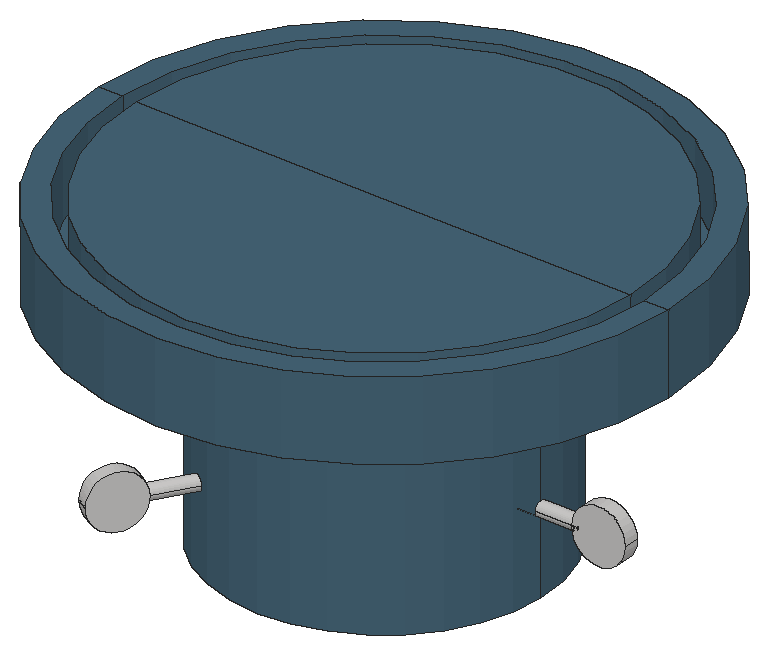
Revit family "Floor_Access_Housing_Heavy_Duty-Zurn-Z1404", category Plumbing Fixtures, Revit 2022
Family settings
  Round Connector Dimension = Use Radius
  Part Type = Normal
  OmniClass Number = 23.45.55.21
  OmniClass Title = Drains (Wastes)
  Work Plane-Based = No
  Always vertical = Yes
  Cut with Voids When Loaded = No
  Maintain Annotation Orientation = No
  Shared = No
  Room Calculation Point = No
Parameters (values of type "Load Family Type Catalog")
  Waste Connection = 1 = 1  # yes
  WFU = 1  # constant formula
  Vent Connection = 1 = 0  # no
  URL = "www.zurn.com"
  Type Comments = "Z1404 - 3 Inch - Slip Joint Outlet"
  Screw Material = Steel - Zurn - Stainless - Type - 304
  Product data url = "https://www.bimobject.com/en-in/zurnindustries/product/zurn-z1404"
  Product Page URL = "https://www.zurn.com/products/drainage-interceptors/cleanouts/cleanouts/z1404"
  Product Documentation Link = "https://files.zurn.com/spec-sheets/z1404.pdf"
  Pipe Size_A Outer Diameter = 3.500"
  Pipe Size_A Nominal Diameter = 3.000"
  Pipe Size_A Inside Diameter = 3.068"
  Modified Date = "02/27/2026"  # constant formula
  Model = "Z1404"
  Manufacurer Brand = "Zurn"  # constant formula
  Manufacturer = "Zurn Water, LLC"  # constant formula
  Main Material = Iron - Zurn - Cast - Painted - Blue
  HWFU = 0  # constant formula
  HW Connection = 1 = 0  # no
  Frame Outer Dim_C = 6.348"
  Frame & Cover Material = Iron - Zurn - Cast - Painted - Blue
  Description = "HEAVY-DUTY FLOOR ACCESS HOUSING"  # constant formula
  Default Elevation = 20.000"  # constant formula
  Date Created = "04/10/2010"  # constant formula
  Connector Radius = Pipe Size_A Nominal Diameter / 2  # 1.500"
  CWFU = 0  # constant formula
  CW Connection = 1 = 0  # no
  Body Height_E = 0.875"
  Assembly Code = "D2030400"
  Approx Weight = 3.00 lbf
Reference planes (in)
  plane 1 "Center (Front/Back)": y = 0
  plane 2: z = 0
  plane 3 "Center (Left/Right)": x = 0
  plane 4: x = 1.75
  plane 5: x = -1.75
  plane 6: x = -1.534
  plane 7: x = 1.534
  plane 8: x = 1.92099
  plane 9: z = -1.15066
  plane 10: x = 3.174
  plane 11: x = -3.174
  plane 12: x = 2.90376
  plane 13: z = -0.675
  plane 14: x = 2.75376
  plane 15: z = -0.625
  plane 16: y = 0.08
  plane 17: y = -0.08
  plane 18: y = 1.5
  plane 19: y = -1.5
  plane 20: y = -2.5
  plane 21: through (0, 0, 48) normal (-0.866, -0.5, 0)
  plane 22: through (0, 0, 48) normal (-0.5, 0.866, 0)
  plane 23: through (0.767, -1.32848, 48) normal (-0.5, 0.866, 0)
  plane 24: through (-2.14024, 0.53564, 48) normal (-0.5, 0.866, 0)
  plane 25: through (0.875, -1.51554, 48) normal (-0.5, 0.866, 0)
  plane 26: through (-0.875, 1.51554, 48) normal (-0.5, 0.866, 0)
  plane 27: through (0, 0, 48) normal (0.866, -0.5, 0)
  plane 28: through (0, 0, 48) normal (0.5, 0.866, 0)
  plane 29: through (-0.767, -1.32848, 48) normal (0.5, 0.866, 0)
  plane 30: through (0.767, 1.32848, 48) normal (0.5, 0.866, 0)
  plane 31: through (-0.875, -1.51554, 48) normal (0.5, 0.866, 0)
  plane 32: through (0.875, 1.51554, 48) normal (0.5, 0.866, 0)
  plane 33: through (-0.06928, -0.04, 48) normal (-0.866, -0.5, 0)
  plane 34: through (0.06928, 0.04, 48) normal (-0.866, -0.5, 0)
  plane 35: through (0.06928, -0.04, 48) normal (0.866, -0.5, 0)
  plane 36: through (-0.06928, 0.04, 48) normal (0.866, -0.5, 0)
  plane 37: through (-1.4085, 2.43959, 48) normal (-0.5, 0.866, 0)
  plane 38: through (-1.4085, -2.43959, 48) normal (0.5, 0.866, 0)
  plane 39: y = -3.174
  plane 40: y = 3.174
  plane 41: y = 1.5
  plane 42: y = -1.5
  plane 43: x = -1.5
  plane 44: x = 1.5
  plane 45: z = -0.875
  plane 46 "Bottom": z = -3.375
  plane 47: z = -0.675
  plane 48 "Screw level": z = -2.475
  plane 49: x = 2.45824
  plane 50: y = 1.75
  plane 51: y = -1.75
Forms (in)
  Revolve 1, solid, material "Iron - Zurn - Cast - Painted - Blue" <- "Main Material", detail levels fine
    sketch origin (-0.02024, 0, -3.40066) x (1, 0, 0) y (0, 0, 1)
      loop
        line (1.52024, 0.02566) -> (1.77024, 0.02566) -> (1.77024, 2.25) -> (1.94124, 2.25) -> (1.94124, 2.52566) -> (1.52024, 2.52566) -> (1.52024, 0.02566)
      axis (0.02024, 2.52566) -> (0.02024, 0.02566)
    angle from 0 to 360
  Revolve 2, solid, material "Iron - Zurn - Cast - Painted - Blue" <- "Frame & Cover Material", detail levels fine
    sketch origin (-0.02024, 0, -3.40066) x (1, 0, 0) y (0, 0, 1)
      loop
        line (0.02024, 2.52566) -> (3.19424, 2.52566) -> (3.19424, 3.40066) -> (2.924, 3.40066) -> (2.924, 2.72566) -> (0.02024, 2.72566) -> (0.02024, 2.52566)
      axis (0.02024, 3.40066) -> (0.02024, 2.52566)
    angle from 0 to 360
  Revolve 3, solid, material "Iron - Zurn - Cast - Painted - Blue" <- "Frame & Cover Material", detail levels fine
    sketch origin (-0.02024, 0, -3.40066) x (1, 0, 0) y (0, 0, 1)
      loop
        line (0.02024, 3.40066) -> (0.02024, 2.77566) -> (2.774, 2.77566) -> (2.774, 3.40066) -> (0.02024, 3.40066)
      axis (0.02024, 3.40066) -> (0.02024, 2.77566)
    angle from 0 to 360
  Extrusion 4, solid, material "Steel - Zurn - Stainless - Type - 304" <- "Screw Material", detail levels fine
    sketch origin (-0.02035, 0, -3.40066) x (1, 0, 0) y (0, 0, 1)
      loop
        circle (2.47859, 0.92566) r 0.3
    from -0.08 to 0.08
  Extrusion 5, solid, material "Steel - Zurn - Stainless - Type - 304" <- "Screw Material", detail levels fine
    sketch origin (-0.00513, 0.02618, -3.40066) x (-0.5, -0.866025, 0) y (0, 0, 1)
      loop
        circle (2.53711, 0.92566) r 0.3
    from -0.09753 to 0.06247
  Extrusion 6, solid, material "Steel - Zurn - Stainless - Type - 304" <- "Screw Material", detail levels fine
    sketch origin (0.0195, -0.01196, -3.40066) x (-0.5, 0.866025, 0) y (0, 0, 1)
      loop
        circle (2.53711, 0.92566) r 0.3
    from -0.09091 to 0.06909
  Revolve 7, solid, material "Steel - Zurn - Stainless - Type - 304" <- "Screw Material", detail levels fine
    sketch origin (0, 0, -2.475) x (-1, 0, 0) y (0, -1, 0)
      loop
        line (0.767, 1.32848) -> (0.83628, 1.28848) -> (1.18328, 1.8895) -> (1.114, 1.9295) -> (0.767, 1.32848)
      axis (0.767, 1.32848) -> (1.114, 1.9295)
    angle from 0 to 360
  Revolve 8, solid, material "Steel - Zurn - Stainless - Type - 304" <- "Screw Material", detail levels fine
    sketch origin (0, 0, -2.475) x (-1, 0, 0) y (0, -1, 0)
      loop
        line (0.767, -1.32848) -> (0.69772, -1.36848) -> (1.04472, -1.9695) -> (1.114, -1.9295) -> (0.767, -1.32848)
      axis (0.767, -1.32848) -> (1.114, -1.9295)
    angle from 0 to 360
  Revolve 9, solid, material "Steel - Zurn - Stainless - Type - 304" <- "Screw Material", detail levels fine
    sketch origin (0, 0, -2.475) x (-1, 0, 0) y (0, -1, 0)
      loop
        line (-1.534, 0) -> (-2.228, 0) -> (-2.228, -0.08) -> (-1.534, -0.08) -> (-1.534, 0)
      axis (-2.228, 0) -> (-1.534, 0)
    angle from 0 to 360
Lines and regions (in)
  Masking region 1
    outline origin (4.43066, -180, 0.9) x (-1, 0, 0) y (0, -1, 0)
      loop
        circle (4.43066, -180) r 3.174
  model lines, detail levels coarse+medium
    curve 1: line (0, 0, 0) -> (0, 0, -3.375)
    curve 2: circle (-0.02024, 0, 0) r 3.174 normal (0, 0, 1)
    curve 3: line (0, -1.75, -3.375) -> (0, 1.75, -3.375)
    curve 4: line (-1.75, 0, -3.375) -> (1.75, 0, -3.375)
Dimensions and locks (in)
  equal spacing: plane 7, plane 3 "Center (Left/Right)", plane 6
  "Pipe Size_A Inside Diameter": plane 7 to plane 6
  equal spacing: plane 4, plane 3 "Center (Left/Right)", plane 5
  "Pipe Size_A Outer Diameter": plane 4 to plane 5
  plane 8 to plane 4 = 0.17099"
  equal spacing: plane 10, plane 3 "Center (Left/Right)", plane 11
  "Frame Outer Dim_C": plane 10 to plane 11
  plane 10 to plane 12 = 0.27024"
  plane 10 to plane 14 = 0.42024"
  equal spacing: plane 17, plane 1 "Center (Front/Back)", plane 16
  locked: plane 17 to plane 16 at 0.16
  equal spacing: plane 19, plane 1 "Center (Front/Back)", plane 18
  "Pipe Size_A Nominal Diameter": plane 19 to plane 18
  locked: plane 20 to plane 19 at 1
  equal spacing: plane 24, plane 22, plane 23
  "Pipe Size_A Inside Diameter": plane 24 to plane 23
  equal spacing: plane 26, plane 22, plane 25
  "Pipe Size_A Outer Diameter": plane 26 to plane 25
  equal spacing: plane 30, plane 28, plane 29
  "Pipe Size_A Inside Diameter": plane 30 to plane 29
  equal spacing: plane 32, plane 28, plane 31
  "Pipe Size_A Outer Diameter": plane 32 to plane 31
  equal spacing: plane 33, plane 21, plane 34
  locked: plane 33 to plane 34 at 0.16
  equal spacing: plane 35, plane 27, plane 36
  locked: plane 35 to plane 36 at 0.16
  locked: plane 37 to plane 26 at 1.067
  locked: plane 31 to plane 38 at 1.067
  equal spacing: plane 39, plane 1 "Center (Front/Back)", plane 40
  "Frame Outer Dim_C": plane 39 to plane 40
  equal spacing: plane 41, plane 1 "Center (Front/Back)", plane 42
  "Pipe Size_A Nominal Diameter": plane 41 to plane 42
  equal spacing: plane 43, plane 3 "Center (Left/Right)", plane 44
  "Pipe Size_A Nominal Diameter": plane 43 to plane 44
  "Body Height_E": level to plane 45
  locked: plane 46 "Bottom" to plane 45 at 2.5
  locked: plane 13 to plane 45 at 0.2
  locked: plane 47 to plane 45 at 0.2
  locked: plane 15 to plane 47 at 0.05
  locked: plane 48 "Screw level" to plane 46 "Bottom" at 0.9
  plane 49 to plane 4 = 0.70824"
  locked: plane 31 to Revolve 7 sketch curve at 0.478
  locked: Revolve 8 sketch curve to plane 26 at 0.478
  equal spacing: plane 50, plane 1 "Center (Front/Back)", plane 51
  "Pipe Size_A Outer Diameter": plane 50 to plane 51
  locked: plane 4 to Revolve 9 sketch curve at 0.478
  "Frame Outer Dim_C": diameter of Masking region 1 sketch curve
  "Frame Outer Dim_C": diameter of curve 2
  aligned and locked: plane 2 to level
  aligned and locked: plane 8 to Revolve 1 sketch curve
  aligned and locked: plane 13 to Revolve 2 sketch curve  (x2)
  aligned and locked: plane 14 to Revolve 3 sketch curve  (x2)
  aligned and locked: Extrusion 4 to plane 17
  aligned and locked: plane 16 to Extrusion 4
  aligned and locked: Extrusion 6 to plane 34
  aligned and locked: plane 33 to Extrusion 6
  aligned and locked: Extrusion 5 to plane 36
  aligned and locked: plane 35 to Extrusion 5
  aligned and locked: plane 37 to Extrusion 6
  aligned and locked: plane 38 to Extrusion 5
  aligned and locked: plane 1 "Center (Front/Back)" to Masking region 1 sketch curve
  aligned and locked: plane 3 "Center (Left/Right)" to Masking region 1 sketch curve
  aligned and locked: plane 1 "Center (Front/Back)" to curve 2
  aligned and locked: plane 1 "Center (Front/Back)" to curve 4
  aligned and locked: plane 4 to Revolve 1 sketch curve  (x2)
  aligned and locked: plane 45 to Revolve 1 sketch curve  (x2)
  aligned and locked: plane 9 to Revolve 1 sketch curve  (x2)
  aligned and locked: plane 44 to Revolve 1 sketch curve  (x2)
  aligned and locked: plane 46 "Bottom" to Revolve 1 sketch curve  (x2)
  aligned and locked: Revolve 2 sketch curve to plane 3 "Center (Left/Right)"
  aligned and locked: plane 10 to Revolve 2 sketch curve  (x2)
  aligned and locked: level to Revolve 2 sketch curve  (x2)
  aligned and locked: plane 12 to Revolve 2 sketch curve  (x2)
  aligned and locked: plane 3 "Center (Left/Right)" to Revolve 2 sketch curve  (x2)
  aligned and locked: plane 45 to Revolve 2 sketch curve  (x2)
  aligned and locked: Revolve 3 sketch curve to plane 3 "Center (Left/Right)"
  aligned and locked: Revolve 3 sketch curve to plane 15  (x2)
  aligned and locked: plane 2 to Revolve 3 sketch curve  (x2)
  aligned and locked: plane 3 "Center (Left/Right)" to Revolve 3 sketch curve  (x2)
  aligned and locked: plane 48 "Screw level" to Extrusion 4 sketch curve
  aligned and locked: curve 1 to plane 3 "Center (Left/Right)"
  aligned and locked: Extrusion 4 sketch curve to plane 49
  aligned and locked: plane 3 "Center (Left/Right)" to curve 3
  aligned and locked: plane 46 "Bottom" to curve 1
  aligned and locked: plane 2 to curve 1
  aligned and locked: plane 48 "Screw level" to Extrusion 5 sketch curve
  aligned and locked: plane 48 "Screw level" to Extrusion 6 sketch curve
  aligned and locked: Revolve 7 sketch curve to plane 29
  aligned and locked: Revolve 7 sketch curve to plane 27
  aligned and locked: plane 34 to Revolve 8 sketch curve
  aligned and locked: Revolve 8 sketch curve to plane 21
  aligned and locked: Revolve 8 sketch curve to plane 24
  aligned and locked: Revolve 8 sketch curve to Revolve 8 sketch curve
  aligned and locked: Revolve 9 sketch curve to plane 1 "Center (Front/Back)"
  aligned and locked: plane 16 to Revolve 9 sketch curve
  aligned and locked: plane 1 "Center (Front/Back)" to Revolve 9 sketch curve
  aligned and locked: Revolve 9 sketch curve to plane 7
  aligned and locked: Revolve 1 sketch curve to plane 3 "Center (Left/Right)"
  aligned and locked: plane 5 to curve 4
Automatic sketch dimensions
  Extrusion 5 sketch curve to plane 31 = 0.767"
  plane 26 to Extrusion 6 sketch curve = 0.767"
  curve 2 to plane 3 "Center (Left/Right)" = 0.02024"
  Revolve 1 sketch curve to plane 46 "Bottom" = 23.97624"
  level to Revolve 1 sketch curve = 98.69316"
  Revolve 3 sketch curve to plane 46 "Bottom" = 24.02566"
  level to Revolve 3 sketch curve = 100.24448"
  plane 1 "Center (Front/Back)" to Revolve 7 sketch curve = 0.000"
  plane 27 to Revolve 7 sketch curve = 0.000"
  plane 36 to Revolve 7 sketch curve = 0.000"
  plane 39 to Revolve 7 sketch curve = 0.1197"
  Revolve 8 sketch curve to plane 24 = 0.000"
  Revolve 8 sketch curve to plane 18 = 0.22854"
  plane 10 to Revolve 9 sketch curve = 3.3269"
  Revolve 9 sketch curve to plane 11 = 3.79982"
  Revolve 2 sketch curve to plane 46 "Bottom" = 24.02566"
  level to Revolve 2 sketch curve = 100.24316"
  curve 4 to plane 4 = 0.000"
  curve 3 to plane 50 = 0.000"
  curve 3 to plane 51 = 0.000"
  radius of Extrusion 4 sketch curve = 0.300"
  radius of Extrusion 5 sketch curve = 0.300"
  radius of Extrusion 6 sketch curve = 0.300"
Connectors (in)
  piping at (0, 0, -3.375), diameter 3, driven by "Connector Radius", driven by "Waste Connection"
    settings: on Revolve 1, index 1, connector inside diameter 24", connector length 0.000", flow factor 0, pipe flow 0 GPM, pressure drop 0.00 psi, fitting loss kfactor 0, connector angle 0.00°, fixture units 0, engagement length 0.000", angle of deflection 0.00°, flow configuration 0, flow direction 2, fitting loss method 0, system type 16, joint type 0, gender type 0, connector reference index -1, connector utility 1, adjustable connector no, is connector primary yes, connector description "Sanitary Outlet"
Types in the file's own list only (9): name | Type Comments | Pipe Size_A Outer Diameter | Pipe Size_A Nominal Diameter | Pipe Size_A Inside Diameter | Model | Frame Outer Dim_C | Frame & Cover Material | Default Elevation | Connector Radius | Body Height_E | Approx Weight
  Z1404 3 Inch | "Z1404-3 Inch-Slip Joint Outlet" | 3.500 " | 3.000 " | 3.068 " | "Z1404 3 Inch" | 6.125 " | Iron - Zurn - Cast - Painted - Blue | 20.000 " | 1.500 " | 0.875 " | 3.00 lb
  Z1404 4 Inch | "Z1404-4 Inch-Slip Joint Outlet" | 4.500 " | 4.000 " | 4.026 " | "Z1404 4 Inch" | 7.250 " | Iron - Zurn - Cast - Painted - Blue | 20.000 " | 2.000 " | 0.875 " | 4.00 lb
  Z1404 6 Inch | "Z1404-6 Inch-Slip Joint Outlet" | 6.625 " | 6.000 " | 6.065 " | "Z1404 6 Inch" | 9.250 " | Iron - Zurn - Cast - Painted - Blue | 20.000 " | 3.000 " | 0.875 " | 8.00 lb
  ZN1404 3 Inch | "ZN1404-3 Inch-Slip Joint Outlet" | 3.500 " | 3.000 " | 3.068 " | "ZN1404 3 Inch" | 6.125 " | Bronze - Zurn - Polished Nickel | 20.000 " | 1.500 " | 0.375 " | 3.00 lb
  ZN1404 4 Inch | "ZN1404-4 Inch-Slip Joint Outlet" | 4.500 " | 4.000 " | 4.026 " | "ZN1404 4 Inch" | 7.250 " | Bronze - Zurn - Polished Nickel | 20.000 " | 2.000 " | 0.375 " | 4.00 lb
  ZN1404 6 Inch | "ZN1404-6 Inch-Slip Joint Outlet" | 6.625 " | 6.000 " | 6.065 " | "ZN1404 6 Inch" | 9.250 " | Bronze - Zurn - Polished Nickel | 20.000 " | 3.000 " | 0.375 " | 8.00 lb
  ZS1404 3 Inch | "ZS1404-3 Inch-Slip Joint Outlet" | 3.500 " | 3.000 " | 3.068 " | "ZS1404 3 Inch" | 6.125 " | Steel - Zurn - Stainless - Type - 304 | 20.000 " | 1.500 " | 1.063 " | 3.00 lb
  ZS1404 4 Inch | "ZS1404-4 Inch-Slip Joint Outlet" | 4.500 " | 4.000 " | 4.026 " | "ZS1404 4 Inch" | 7.250 " | Steel - Zurn - Stainless - Type - 304 | 20.000 " | 2.000 " | 1.063 " | 4.00 lb
  ZS1404 6 Inch | "ZS1404-6 Inch-Slip Joint Outlet" | 6.625 " | 6.000 " | 6.065 " | "ZS1404 6 Inch" | 9.250 " | Steel - Zurn - Stainless - Type - 304 | 20.000 " | 3.000 " | 1.063 " | 8.00 lb
